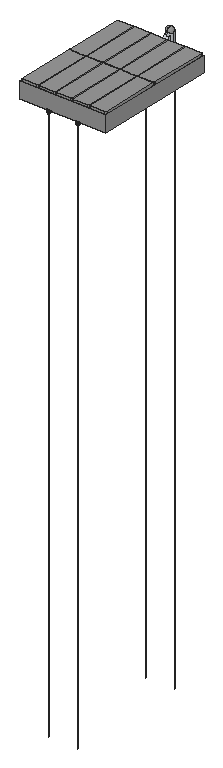
Revit family "62158", category Lighting Fixtures, host Face, Revit 2018
Family settings
  Host = Face
  Round Connector Dimension = Use Diameter
  Part Type = Normal
  OmniClass Number = 23.80.70.00
  OmniClass Title = Lighting
  Cut with Voids When Loaded = No
  Light Source = Yes
  Shared = No
  Room Calculation Point = No
Parameters (values of type "0062158 KUBIXX 4000K 47KLM AISLE  SSA")
  Weight = "n/a"
  Wattage Comments = ""
  Wattage = 9.2903 W
  WarrantyStartDate [instance] = "n/a"
  WarrantyGuarantorParts = "n/a"
  WarrantyDurationUnit = "n/a"
  WarrantyDurationParts = ""
  WarrantyDescription = "http://www.sylvania-lighting.com"
  built-in parameter 1150110 = 1 (stored number, unit not read)
  Voltage = 0 V
  URL = "0"
  TypeName = "KubiXx 4000K 47KLM AISLE  SSA"
  Type Image = <None>
  Type Comments = "n/a"
  Total length = 760.213 mm
  built-in parameter 1114217 = 1 (stored number, unit not read)
  Total Length = 731.899 mm
  Tilt Angle = -90.00°
  built-in parameter 1150109 = 1 (stored number, unit not read)
  built-in parameter 1150134 = 3
  Suspension height = 3000 mm
  built-in parameter 1150113 = 1 (stored number, unit not read)
  SerialNumber [instance] = "n/a"
  Photometric Web File = "0062158.IES"
  Material_3_SYL = none
  PowerFactor = 0
  PowerConsumption = "Lighting"
  NominalLength = 460 mm
  NominalHeight = 94 mm
  NominalDepth = 650 mm
  Name = "KubiXx 4000K 47KLM AISLE  SSA"
  ModelReference = Name  # "KubiXx 4000K 47KLM AISLE  SSA"
  ModelNumber = "0062158"
  Model = Name  # "KubiXx 4000K 47KLM AISLE  SSA"
  Material = "Feilo Sylvania"
  ManufacturerName = "175 lm/W"
  Manufacturer = ""
  LuminousEfficacy = ""
  built-in parameter 1150105 = 109.82 (stored number, unit not read)
  Lumens = 1380 lm
  LuminaireType = "0"
  built-in parameter 1150115 = 1 (stored number, unit not read)
  LightOutputRatio = "LED"
  built-in parameter 1150137 = (empty or 0)
  built-in parameter 1150139 = (empty or 0)
  LampsType = Lamp  # "n/a"
  LampNominalLuminous = "4000 K"
  LampMacAdamStep = "80"
  LampColourTemperature = "LED"
  LampColourRenderingIndex = "16500"
  built-in parameter 1150112 = 1 (stored number, unit not read)
  built-in parameter 1150114 = 1 (stored number, unit not read)
  Lamp = "n/a"
  Keynote = "n/a"
  InstallationDate [instance] = "n/a"
  InputVoltage = "0"
  InputNominalFrequency = "4000"
  built-in parameter 1150132 = (empty or 0)
  built-in parameter 1150102 = (empty or 0)
  built-in parameter 1150107 = 3200 (stored number, unit not read)
  built-in parameter 1150138 = (empty or 0)
  IngressProtection = "IfcLightFixtureType"
  ImpactProtectionIndex = "IfcLightFixtureType"
  built-in parameter 1150106 = 1.0982 (stored number, unit not read)
  IfcExportType = "IfcLightFixtureType"
  IfcExportAs = "Class I"
  Emit from Circle Diameter = 609.6 mm
  Emit Shape Visible in Rendering = no
  ElectricShockClassification = "175"
  built-in parameter 1150104 = 13.8 (stored number, unit not read)
  DocumentationLiterature = "http://www.sylvania-lighting.com/product/en-int/products/0062158"
  DimmingControlOptions = "n/a"
  Material_2_SYL = none
  Dimming Lamp Color Temperature Shift = <None>
  Description = "Logistics and Industry high bay luminaire with wide optics to provide homogenous light distribution for open space areas. 48300lumens, 276W, 175lm/W, 4000K, CRI80, wide beam optic, SylSmart SSA dimmable, 3 step MacAdam ellipse, grey finish (RAL7012), Class 1, 220-240V, IP65, IK06."
  Default Elevation = 1219.2 mm
  CreatedOn = "09/11/2023"
  CreatedBy = "@sylvania-lighting.com"
  Cost = 0
  Color Filter = 16777215
  built-in parameter 1114216 [instance] = (empty or 0)
  ClassificationValue = "EF_70_80"
  ClassificationName = "Uniclass2015"
  Material_1_SYL = none
  BarCode [instance] = "n/a"
  built-in parameter 1114218 = 1 (stored number, unit not read)
  built-in parameter 1150133 = 10 (stored number, unit not read)
  AssetType = "Fixed"
  AssetIdentifier [instance] = "n/a"
  Assembly Code = "D5020200"
  Apparent Load = 276 VA
  Material_4_SYL = none
Reference planes
  plane 1 "Center (Front/Back)": y = 0
  plane 2: z = 0
  plane 3 "Center (Left/Right)": x = 0
  plane 4: x = -230
  plane 5: x = 230
  plane 6: y = 325
  plane 7: y = -325
  plane 8: x = -180.6
  plane 9: y = 160
  plane 10: y = -160
  plane 11: x = -93.6
  plane 12: x = -89.2
  plane 13: x = -2.2
  plane 14: x = 2.2
  plane 15: x = 89.2
  plane 16: x = 93.6
  plane 17: x = 180.6
  plane 18: x = 77.2
  plane 19: x = -77.2
  plane 20: x = -87.2
  plane 21: x = -67.2
  plane 22: z = -18
  plane 23: y = 162
  plane 24: z = -8
  plane 25: y = -162
  plane 26: z = 3094
  plane 27: z = 3094
  plane 28: y = 163.5
  plane 29: z = 3000
  plane 30: z = 2982
  plane 31: x = -225.6
  plane 32: x = 225.6
  plane 33: x = 138.6
  plane 34: x = -138.6
  plane 35: x = 134.2
  plane 36: x = -134.2
  plane 37: x = 47.2
  plane 38: x = -47.2
  plane 39: x = 42.795
  plane 40: x = -42.778
  plane 41: y = 320.6
  plane 42: y = -320.6
  plane 43: y = 321
  plane 44: y = 1
  plane 45: y = -1
  plane 46: y = 406.899
Forms (mm)
  Extrusion 1, solid, material "Aluminum", detail levels medium+fine
    sketch origin (0, 0, 0) x (1, 0, 0) y (0, 1, 0)
      loop
        line (-230, 325) -> (-230, -325) -> (230, -325) -> (230, 325) -> (-230, 325)
    from 3000 to 3083
  Extrusion 2, solid, material "Acetal Resin, White", detail levels medium+fine
    sketch origin (0, 160.6, 0) x (1, 0, 0) y (0, 1, 0)
      loop
        arc (-220.65, 160) -> (-224.185, 158.536) -> (-225.65, 155) r 5
        line (-225.65, 155) -> (-225.65, -154.6)
        arc (-225.65, -154.6) -> (-224.185, -158.136) -> (-220.65, -159.6) r 5
        line (-220.65, -159.6) -> (-143.629, -159.6)
        arc (-143.629, -159.6) -> (-140.094, -158.136) -> (-138.629, -154.6) r 5
        line (-138.629, -154.6) -> (-138.629, 155)
        arc (-138.629, 155) -> (-140.094, 158.536) -> (-143.629, 160) r 5
        line (-143.629, 160) -> (-220.65, 160)
    from 3083 to 3094
  Extrusion 3, solid, material "Acetal Resin, White", detail levels medium+fine
    sketch origin (91.4, 160.6, 0) x (1, 0, 0) y (0, 1, 0)
      loop
        arc (-220.89, 160) -> (-224.425, 158.536) -> (-225.89, 155) r 5
        line (-225.89, 155) -> (-225.89, -154.6)
        arc (-225.89, -154.6) -> (-224.425, -158.136) -> (-220.89, -159.6) r 5
        line (-220.89, -159.6) -> (-143.578, -159.6)
        arc (-143.578, -159.6) -> (-140.042, -158.136) -> (-138.578, -154.6) r 5
        line (-138.578, -154.6) -> (-138.578, 155)
        arc (-138.578, 155) -> (-140.042, 158.536) -> (-143.578, 160) r 5
        line (-143.578, 160) -> (-220.89, 160)
    from 3083 to 3094
  Extrusion 4, solid, material "Acetal Resin, White", detail levels medium+fine
    sketch origin (182.8, 160.6, 0) x (1, 0, 0) y (0, 1, 0)
      loop
        arc (-130.605, 160) -> (-134.141, 158.536) -> (-135.605, 155) r 5
        line (-135.605, 155) -> (-135.605, -154.6)
        arc (-135.605, -154.6) -> (-134.141, -158.136) -> (-130.605, -159.6) r 5
        line (-130.605, -159.6) -> (-53.412, -159.6)
        arc (-53.412, -159.6) -> (-49.876, -158.136) -> (-48.412, -154.6) r 5
        line (-48.412, -154.6) -> (-48.412, 155)
        arc (-48.412, 155) -> (-49.876, 158.536) -> (-53.412, 160) r 5
        line (-53.412, 160) -> (-130.605, 160)
    from 3083 to 3094
  Extrusion 5, solid, material "Acetal Resin, White", detail levels medium+fine
    sketch origin (274.2, 160.6, 0) x (1, 0, 0) y (0, 1, 0)
      loop
        arc (-130.583, 160) -> (-134.119, 158.536) -> (-135.583, 155) r 5
        line (-135.583, 155) -> (-135.583, -154.6)
        arc (-135.583, -154.6) -> (-134.119, -158.136) -> (-130.583, -159.6) r 5
        line (-130.583, -159.6) -> (-53.71, -159.6)
        arc (-53.71, -159.6) -> (-50.175, -158.136) -> (-48.71, -154.6) r 5
        line (-48.71, -154.6) -> (-48.71, 155)
        arc (-48.71, 155) -> (-50.175, 158.536) -> (-53.71, 160) r 5
        line (-53.71, 160) -> (-130.583, 160)
    from 3083 to 3094
  Extrusion 6, solid, material "Aluminum", detail levels fine
    sketch origin (0, 0, 2992) x (1, 0, 0) y (0, 0, 1)
      loop
        line (-87.2, 8) -> (-87.2, 0)
        arc (-87.2, 0) -> (-84.271, -7.071) -> (-77.2, -10) r 10
        arc (-77.2, -10) -> (-70.129, -7.071) -> (-67.2, 0) r 10
        line (-67.2, 0) -> (-67.2, 8) -> (-87.2, 8)
    from -325 to -322
  Extrusion 7, void
    sketch origin (0.086, 0, 2990.692) x (1, 0, 0) y (0, 0, 1)
      loop
        circle (-77.2, 0) r 3
    from -350.589 to 380.147
  Extrusion 8, solid, material "Aluminum", detail levels fine
    sketch origin (154.4, 0, 2992) x (1, 0, 0) y (0, 0, 1)
      loop
        line (-87.2, 8) -> (-87.2, 0)
        arc (-87.2, 0) -> (-84.271, -7.071) -> (-77.2, -10) r 10
        arc (-77.2, -10) -> (-70.129, -7.071) -> (-67.2, 0) r 10
        line (-67.2, 0) -> (-67.2, 8) -> (-87.2, 8)
    from -325 to -322
  Extrusion 9, void
    sketch origin (154.475, 0, 2991.254) x (1, 0, 0) y (0, 0, 1)
      loop
        circle (-77.2, 0) r 3
    from -394.188 to 347.516
  Extrusion 10, solid, material "Aluminum", detail levels fine
    sketch origin (0, 0, 2992) x (1, 0, 0) y (0, 0, 1)
      loop
        line (-87.2, 8) -> (-87.2, 0)
        arc (-87.2, 0) -> (-84.271, -7.071) -> (-77.2, -10) r 10
        arc (-77.2, -10) -> (-70.129, -7.071) -> (-67.2, 0) r 10
        line (-67.2, 0) -> (-67.2, 8) -> (-87.2, 8)
    from 325 to 322
  Extrusion 11, solid, material "Aluminum", detail levels fine
    sketch origin (153.445, 0, 2992) x (1, 0, 0) y (0, 0, 1)
      loop
        line (-86.235, 8) -> (-86.235, 0.111)
        arc (-86.235, 0.111) -> (-83.306, -6.96) -> (-76.235, -9.889) r 10
        arc (-76.235, -9.889) -> (-69.163, -6.96) -> (-66.235, 0.111) r 10
        line (-66.235, 0.111) -> (-66.235, 8) -> (-86.235, 8)
    from 325 to 322
  Extrusion 12, solid, material "Stainless Steel"
    sketch origin (-0.029, 159.919, 0) x (1, 0, 0) y (0, 1, 0)
      loop
        circle (-77.2, 163.5) r 1
    from 0 to 3000
  Extrusion 13, solid, material "Stainless Steel"
    sketch origin (154.4, 159.993, 0) x (1, 0, 0) y (0, 1, 0)
      loop
        circle (-77.2, 163.5) r 1
    from 0 to 3000
  Extrusion 14, solid, material "Stainless Steel"
    sketch origin (0, -327, 0) x (1, 0, 0) y (0, 1, 0)
      loop
        circle (-77.2, 3.5) r 1
    from 0 to 3000
  Extrusion 15, solid, material "Stainless Steel"
    sketch origin (154.386, -327.05, 0) x (1, 0, 0) y (0, 1, 0)
      loop
        circle (-77.2, 3.5) r 1
    from 0 to 3000
  Extrusion 16, solid, detail levels coarse
    sketch origin (0, 0, 0) x (1, 0, 0) y (0, 0, 1)
      loop
        line (-230, 3094) -> (-230, 0) -> (230, 0) -> (230, 3094) -> (-230, 3094)
    from -406.899 to 325
  Extrusion 17, solid, material "Acetal Resin, White", detail levels medium+fine
    sketch origin (181.395, 160.6, 0) x (1, 0, 0) y (0, 1, 0)
      loop
        arc (-219.21, 160) -> (-222.746, 158.536) -> (-224.21, 155) r 5
        line (-224.21, 155) -> (-224.21, -154.6)
        arc (-224.21, -154.6) -> (-222.746, -158.136) -> (-219.21, -159.6) r 5
        line (-219.21, -159.6) -> (-143.578, -159.6)
        arc (-143.578, -159.6) -> (-140.042, -158.136) -> (-138.578, -154.6) r 5
        line (-138.578, -154.6) -> (-138.578, 155)
        arc (-138.578, 155) -> (-140.042, 158.536) -> (-143.578, 160) r 5
        line (-143.578, 160) -> (-219.21, 160)
    from 3083 to 3094
  Extrusion 18, solid, material "Acetal Resin, White", detail levels medium+fine
    sketch origin (0, -160.6, 0) x (1, 0, 0) y (0, 1, 0)
      loop
        arc (-220.65, 159.6) -> (-224.185, 158.136) -> (-225.65, 154.6) r 5
        line (-225.65, 154.6) -> (-225.65, -155)
        arc (-225.65, -155) -> (-224.185, -158.536) -> (-220.65, -160) r 5
        line (-220.65, -160) -> (-143.629, -160)
        arc (-143.629, -160) -> (-140.094, -158.536) -> (-138.629, -155) r 5
        line (-138.629, -155) -> (-138.629, 154.6)
        arc (-138.629, 154.6) -> (-140.094, 158.136) -> (-143.629, 159.6) r 5
        line (-143.629, 159.6) -> (-220.65, 159.6)
    from 3083 to 3094
  Extrusion 19, solid, material "Acetal Resin, White", detail levels medium+fine
    sketch origin (91.4, -160.6, 0) x (1, 0, 0) y (0, 1, 0)
      loop
        arc (-220.89, 159.6) -> (-224.425, 158.136) -> (-225.89, 154.6) r 5
        line (-225.89, 154.6) -> (-225.89, -155)
        arc (-225.89, -155) -> (-224.425, -158.536) -> (-220.89, -160) r 5
        line (-220.89, -160) -> (-143.578, -160)
        arc (-143.578, -160) -> (-140.042, -158.536) -> (-138.578, -155) r 5
        line (-138.578, -155) -> (-138.578, 154.6)
        arc (-138.578, 154.6) -> (-140.042, 158.136) -> (-143.578, 159.6) r 5
        line (-143.578, 159.6) -> (-220.89, 159.6)
    from 3083 to 3094
  Extrusion 20, solid, material "Acetal Resin, White", detail levels medium+fine
    sketch origin (182.8, -160.6, 0) x (1, 0, 0) y (0, 1, 0)
      loop
        arc (-130.605, 159.6) -> (-134.141, 158.136) -> (-135.605, 154.6) r 5
        line (-135.605, 154.6) -> (-135.605, -155)
        arc (-135.605, -155) -> (-134.141, -158.536) -> (-130.605, -160) r 5
        line (-130.605, -160) -> (-53.412, -160)
        arc (-53.412, -160) -> (-49.876, -158.536) -> (-48.412, -155) r 5
        line (-48.412, -155) -> (-48.412, 154.6)
        arc (-48.412, 154.6) -> (-49.876, 158.136) -> (-53.412, 159.6) r 5
        line (-53.412, 159.6) -> (-130.605, 159.6)
    from 3083 to 3094
  Extrusion 21, solid, material "Acetal Resin, White", detail levels medium+fine
    sketch origin (274.2, -160.6, 0) x (1, 0, 0) y (0, 1, 0)
      loop
        arc (-130.583, 159.6) -> (-134.119, 158.136) -> (-135.583, 154.6) r 5
        line (-135.583, 154.6) -> (-135.583, -155)
        arc (-135.583, -155) -> (-134.119, -158.536) -> (-130.583, -160) r 5
        line (-130.583, -160) -> (-53.71, -160)
        arc (-53.71, -160) -> (-50.175, -158.536) -> (-48.71, -155) r 5
        line (-48.71, -155) -> (-48.71, 154.6)
        arc (-48.71, 154.6) -> (-50.175, 158.136) -> (-53.71, 159.6) r 5
        line (-53.71, 159.6) -> (-130.583, 159.6)
    from 3083 to 3094
  Extrusion 22, solid, material "Acetal Resin, White", detail levels medium+fine
    sketch origin (181.395, -160.6, 0) x (1, 0, 0) y (0, 1, 0)
      loop
        arc (-219.21, 159.6) -> (-222.746, 158.136) -> (-224.21, 154.6) r 5
        line (-224.21, 154.6) -> (-224.21, -155)
        arc (-224.21, -155) -> (-222.746, -158.536) -> (-219.21, -160) r 5
        line (-219.21, -160) -> (-143.578, -160)
        arc (-143.578, -160) -> (-140.042, -158.536) -> (-138.578, -155) r 5
        line (-138.578, -155) -> (-138.578, 154.6)
        arc (-138.578, 154.6) -> (-140.042, 158.136) -> (-143.578, 159.6) r 5
        line (-143.578, 159.6) -> (-219.21, 159.6)
    from 3083 to 3094
  Blend 23, solid
    base sketch origin (0, 159.8, -0.419) x (1, 0, 0) y (0, 1, 0)
      loop
        circle (0, 228) r 19
    top sketch origin (0, 159.8, -0.419) x (1, 0, 0) y (0, 1, 0)
      loop
        circle (0, 228) r 19
    from 3039 to 3094
  Revolve 24, solid, material "Acetal Resin, White"
    sketch origin (-0.021, 1683.8, 1218.818) x (0, 1, 0) y (0, 0, 1)
      loop
        line (-1296, 1874.8) -> (-1277, 1874.8)
        arc (-1277, 1874.8) -> (-1282.5, 1888.6) -> (-1296, 1894.8) r 20
        line (-1296, 1894.8) -> (-1296, 1874.8)
      axis (-1296, 1894.8) -> (-1296, 1874.8)
    angle from 179.389 to 539.028
  Extrusion 25, solid
    sketch origin (0, 159.8, -0.419) x (1, 0, 0) y (0, 1, 0)
      loop
        line (-13.5, 214.609) -> (-13.5, 165) -> (13.5, 165) -> (13.5, 214.609) -> (-13.5, 214.609)
    from 3039 to 3083
  Extrusion 26, void
    sketch origin (319, 1683.8, 1218.781) x (0, 1, 0) y (0, 0, 1)
      loop
        line (-1309.391, 1863.8) -> (-1359, 1863.8) -> (-1359, 1843.8) -> (-1333.226, 1843.8) -> (-1309.391, 1863.8)
    from -343.775 to -294
  Blend 27, solid, not visible
    base sketch origin (0, 0, 0) x (1, 0, 0) y (0, 1, 0)
      loop
        circle (0, 228) r 19
    top sketch origin (0, 0, 0) x (1, 0, 0) y (0, 1, 0)
      loop
        circle (0, 228) r 19
    from 3039 to 3094
  Revolve 28, solid, material "Acetal Resin, White", not visible
    sketch origin (-0.021, 1524, 1219.237) x (0, 1, 0) y (0, 0, 1)
      loop
        line (-1296, 1874.8) -> (-1277, 1874.8)
        arc (-1277, 1874.8) -> (-1282.5, 1888.6) -> (-1296, 1894.8) r 20
        line (-1296, 1894.8) -> (-1296, 1874.8)
      axis (-1296, 1894.8) -> (-1296, 1874.8)
    angle from 179.389 to 539.028
  Extrusion 29, solid, not visible
    sketch origin (0, 0, 0) x (1, 0, 0) y (0, 1, 0)
      loop
        line (-13.5, 214.609) -> (-13.5, 165) -> (13.5, 165) -> (13.5, 214.609) -> (-13.5, 214.609)
    from 3039 to 3083
  Extrusion 30, void, not visible
    sketch origin (319, 1524, 1219.2) x (0, 1, 0) y (0, 0, 1)
      loop
        line (-1309.391, 1863.8) -> (-1359, 1863.8) -> (-1359, 1843.8) -> (-1333.226, 1843.8) -> (-1309.391, 1863.8)
    from -343.775 to -294
Cuts and joins
  Extrusion 7 cuts Extrusion 6
  Extrusion 7 cuts Extrusion 10
  Extrusion 9 cuts Extrusion 8
  Extrusion 9 cuts Extrusion 11
  Extrusion 26 cuts Extrusion 25
Dimensions and locks
  "NominalLength": plane 4 to plane 5
  equal spacing: plane 4, plane 3 "Center (Left/Right)", plane 5
  "NominalDepth": plane 6 to plane 7
  equal spacing: plane 6, plane 1 "Center (Front/Back)", plane 7
  Extrusion 4 to plane 3 "Center (Left/Right)" = 47.195 mm
  plane 3 "Center (Left/Right)" to Extrusion 3 = 134.49 mm
  "Suspension height": level to plane 29
  plane 27 to plane 26 = 0 mm
  "NominalHeight": plane 29 to plane 27
  plane 15 to Extrusion 8 = 22 mm
  "Total Length": plane 46 to plane 7
  aligned and locked: plane 2 to host face
  aligned and locked: level to host face
Automatic sketch dimensions
  host sketch curve to host sketch curve = 2438.4 mm  (x2)
  Extrusion 1 sketch curve to plane 4 = 0 mm
  Extrusion 1 sketch curve to plane 5 = 0 mm
  Extrusion 1 sketch curve to plane 7 = 0 mm
  Extrusion 1 sketch curve to plane 6 = 0 mm
  Extrusion 2 sketch curve to plane 41 = 0 mm
  Extrusion 2 sketch curve to plane 31 = 0.05 mm
  Extrusion 2 sketch curve to plane 1 "Center (Front/Back)" = 1 mm
  plane 31 to Extrusion 2 sketch curve = 4.95 mm  (x2)
  plane 34 to Extrusion 2 sketch curve = 5.029 mm  (x2)
  plane 34 to Extrusion 2 sketch curve = 0.029 mm
  Extrusion 3 sketch curve to plane 41 = 0 mm
  plane 36 to Extrusion 3 sketch curve = 0.29 mm
  Extrusion 3 sketch curve to plane 1 "Center (Front/Back)" = 1 mm
  Extrusion 3 sketch curve to plane 36 = 4.71 mm  (x2)
  plane 38 to Extrusion 3 sketch curve = 4.978 mm  (x2)
  Extrusion 3 sketch curve to plane 38 = 0.022 mm
  Extrusion 4 sketch curve to plane 41 = 0 mm
  plane 37 to Extrusion 4 sketch curve = 0.005 mm
  Extrusion 4 sketch curve to plane 1 "Center (Front/Back)" = 1 mm
  Extrusion 4 sketch curve to plane 37 = 4.995 mm  (x2)
  plane 35 to Extrusion 4 sketch curve = 4.812 mm  (x2)
  Extrusion 4 sketch curve to plane 35 = 0.188 mm
  Extrusion 5 sketch curve to plane 41 = 0 mm
  Extrusion 5 sketch curve to plane 33 = 0.017 mm
  Extrusion 5 sketch curve to plane 1 "Center (Front/Back)" = 1 mm
  Extrusion 5 sketch curve to plane 33 = 5.017 mm  (x2)
  Extrusion 5 sketch curve to plane 32 = 5.11 mm  (x2)
  Extrusion 5 sketch curve to plane 32 = 0.11 mm
  Extrusion 6 sketch curve to Extrusion 6 sketch curve = 0 mm  (x2)
  Extrusion 6 sketch curve to plane 20 = 0 mm
  Extrusion 6 sketch curve to plane 19 = 0 mm
  Extrusion 6 sketch curve to plane 30 = 0 mm
  Extrusion 6 sketch curve to plane 29 = 0 mm
  plane 19 to Extrusion 7 sketch curve = 0.086 mm
  plane 30 to Extrusion 7 sketch curve = 8.692 mm
  Extrusion 8 sketch curve to Extrusion 8 sketch curve = 0 mm  (x2)
  Extrusion 8 sketch curve to plane 29 = 0 mm
  Extrusion 8 sketch curve to plane 18 = 0 mm
  Extrusion 8 sketch curve to plane 30 = 0 mm
  Extrusion 8 sketch curve to plane 18 = 10 mm
  plane 18 to Extrusion 9 sketch curve = 0.075 mm
  Extrusion 9 sketch curve to plane 29 = 8.746 mm
  Extrusion 10 sketch curve to Extrusion 10 sketch curve = 0 mm  (x2)
  Extrusion 10 sketch curve to plane 20 = 0 mm
  Extrusion 10 sketch curve to plane 19 = 0 mm
  Extrusion 10 sketch curve to plane 30 = 0 mm
  Extrusion 10 sketch curve to plane 29 = 0 mm
  Extrusion 11 sketch curve to Extrusion 11 sketch curve = 0 mm  (x2)
  Extrusion 11 sketch curve to plane 29 = 0 mm
  Extrusion 11 sketch curve to plane 18 = 9.989 mm
  plane 18 to Extrusion 11 sketch curve = 0.011 mm
  Extrusion 11 sketch curve to Extrusion 11 sketch curve = 7.889 mm
  Extrusion 12 sketch curve to plane 19 = 0.029 mm
  Extrusion 12 sketch curve to plane 6 = 1.581 mm
  Extrusion 13 sketch curve to plane 18 = 0 mm
  Extrusion 13 sketch curve to plane 6 = 1.507 mm
  Extrusion 14 sketch curve to plane 19 = 0 mm
  plane 7 to Extrusion 14 sketch curve = 1.5 mm
  Extrusion 15 sketch curve to plane 18 = 0.014 mm
  plane 7 to Extrusion 15 sketch curve = 1.45 mm
  Extrusion 16 sketch curve to level = 0 mm
  Extrusion 16 sketch curve to plane 4 = 0 mm
  Extrusion 16 sketch curve to plane 5 = 0 mm
  Extrusion 16 sketch curve to plane 27 = 0 mm
  Extrusion 17 sketch curve to plane 41 = 0 mm
  plane 40 to Extrusion 17 sketch curve = 0.038 mm
  Extrusion 17 sketch curve to plane 1 "Center (Front/Back)" = 1 mm
  Extrusion 17 sketch curve to plane 40 = 4.962 mm  (x2)
  plane 39 to Extrusion 17 sketch curve = 4.978 mm  (x2)
  Extrusion 17 sketch curve to plane 39 = 0.022 mm
  Extrusion 18 sketch curve to plane 42 = 0 mm
  Extrusion 18 sketch curve to plane 31 = 0.05 mm
  plane 31 to Extrusion 18 sketch curve = 4.95 mm  (x2)
  plane 1 "Center (Front/Back)" to Extrusion 18 sketch curve = 1 mm
  plane 34 to Extrusion 18 sketch curve = 5.029 mm  (x2)
  plane 34 to Extrusion 18 sketch curve = 0.029 mm
  Extrusion 19 sketch curve to plane 42 = 0 mm
  plane 36 to Extrusion 19 sketch curve = 0.29 mm
  Extrusion 19 sketch curve to plane 36 = 4.71 mm  (x2)
  plane 1 "Center (Front/Back)" to Extrusion 19 sketch curve = 1 mm
  plane 38 to Extrusion 19 sketch curve = 4.978 mm  (x2)
  Extrusion 19 sketch curve to plane 38 = 0.022 mm
  Extrusion 20 sketch curve to plane 42 = 0 mm
  plane 37 to Extrusion 20 sketch curve = 0.005 mm
  Extrusion 20 sketch curve to plane 37 = 4.995 mm  (x2)
  plane 1 "Center (Front/Back)" to Extrusion 20 sketch curve = 1 mm
  plane 35 to Extrusion 20 sketch curve = 4.812 mm  (x2)
  Extrusion 20 sketch curve to plane 35 = 0.188 mm
  Extrusion 21 sketch curve to plane 42 = 0 mm
  Extrusion 21 sketch curve to plane 33 = 0.017 mm
  Extrusion 21 sketch curve to plane 33 = 5.017 mm  (x2)
  plane 1 "Center (Front/Back)" to Extrusion 21 sketch curve = 1 mm
  Extrusion 21 sketch curve to plane 32 = 5.11 mm  (x2)
  Extrusion 21 sketch curve to plane 32 = 0.11 mm
  Extrusion 22 sketch curve to plane 42 = 0 mm
  plane 40 to Extrusion 22 sketch curve = 0.038 mm
  Extrusion 22 sketch curve to plane 40 = 4.962 mm  (x2)
  plane 1 "Center (Front/Back)" to Extrusion 22 sketch curve = 1 mm
  plane 39 to Extrusion 22 sketch curve = 4.978 mm  (x2)
  Extrusion 22 sketch curve to plane 39 = 0.022 mm
  Revolve 24 sketch curve to Revolve 24 sketch curve = 1 mm
  Revolve 24 sketch curve to Revolve 24 sketch curve = 19 mm
  Revolve 24 sketch curve to Revolve 24 sketch curve = 0.025 mm
  Revolve 24 sketch curve to Revolve 24 sketch curve = 0 mm
  Revolve 24 sketch curve to Revolve 24 sketch curve = 8.022 mm
  Revolve 24 sketch curve to Revolve 24 sketch curve = 11.978 mm
  Extrusion 25 sketch curve to Extrusion 25 sketch curve = 27 mm
  Extrusion 25 sketch curve to Extrusion 25 sketch curve = 49.609 mm
  Extrusion 26 sketch curve to Extrusion 26 sketch curve = 25.774 mm
  Extrusion 26 sketch curve to Extrusion 26 sketch curve = 23.835 mm
  Extrusion 26 sketch curve to Extrusion 26 sketch curve = 20 mm
  Revolve 28 sketch curve to Revolve 28 sketch curve = 1 mm
  Revolve 28 sketch curve to Revolve 28 sketch curve = 19 mm
  Revolve 28 sketch curve to Revolve 28 sketch curve = 0.025 mm
  Revolve 28 sketch curve to Revolve 28 sketch curve = 0 mm
  Revolve 28 sketch curve to Revolve 28 sketch curve = 8.022 mm
  Revolve 28 sketch curve to Revolve 28 sketch curve = 11.978 mm
  Extrusion 29 sketch curve to Extrusion 29 sketch curve = 27 mm
  Extrusion 29 sketch curve to Extrusion 29 sketch curve = 49.609 mm
  Extrusion 30 sketch curve to Extrusion 30 sketch curve = 25.774 mm
  Extrusion 30 sketch curve to Extrusion 30 sketch curve = 23.835 mm
  Extrusion 30 sketch curve to Extrusion 30 sketch curve = 20 mm
  Blend 23 sketch curve to plane 3 "Center (Left/Right)" = 0 mm  (x2)
  Blend 23 sketch curve to plane 46 = 19.099 mm  (x2)
  Revolve 24 sketch curve to plane 26 = 0.357 mm
  Revolve 24 sketch curve to plane 46 = 20.099 mm
  Extrusion 25 sketch curve to plane 6 = 0.2 mm
  Extrusion 25 sketch curve to plane 13 = 11.3 mm
  Extrusion 26 sketch curve to plane 6 = 0.2 mm
  Extrusion 26 sketch curve to plane 26 = 31.419 mm
  radius of Extrusion 7 sketch curve = 3 mm
  radius of Extrusion 9 sketch curve = 3 mm
  radius of Extrusion 12 sketch curve = 1 mm
  radius of Extrusion 13 sketch curve = 1 mm
  radius of Extrusion 14 sketch curve = 1 mm
  radius of Extrusion 15 sketch curve = 1 mm
  radius of Blend 23 sketch curve = 19 mm  (x2)
  radius of Blend 27 sketch curve = 19 mm  (x2)
Connectors
  electrical at (0, 0, 3000)
    settings: on Extrusion 1, index 1, voltage 0 V, apparent load 0 VA, apparent load phase1 0 VA, apparent load phase2 0 VA, apparent load phase3 0 VA, power factor 1, load classification "Other", number of poles 1, system type 31, power factor state 1, is connector primary yes, connector utility no, sub classification motor no, connector description ""
